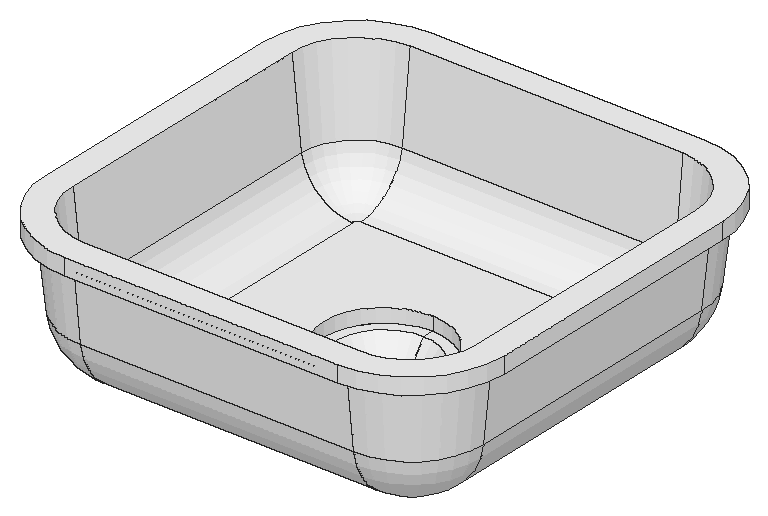
Revit family "Lav-Corian-European-Serenity-7510", category Plumbing Fixtures, host Face, Revit 2015
Parameters (values of type "7510")
  Width = 420 mm
  WFU = 0
  Version = "2015- v1.0a"  # constant formula
  URL = "http://www.corian.uk/-the-complete-residential-surfaces-solutions-"
  Sink Colors Available = "Designer White, Glacier White"
  Product Page URL = "http://www.corian.uk/-bathroom-basins-"
  Model = "Serenity 7510"  # constant formula
  Manufacturer = "DuPont"  # constant formula
  Length = 420 mm
  Interior Width = 370 mm
  Interior Length = 370 mm
  Interior Depth = 120 mm
  HWFU = 0
  Finish = Solid Surface Sink - DuPont - Designer White
  Description = "Bathroom Basin Europe Specification"  # constant formula
  Depth = 167 mm
  Default Elevation = 1219.2 mm
  Cost = 0
  CWFU = 0
Reference planes
  plane 1 "Center (Front/Back)": y = 0
  plane 2: z = 0
  plane 3 "Center (Left/Right)": x = 0
  plane 4: y = 210
  plane 5: y = -210
  plane 6: x = -210
  plane 7: x = 210
  plane 8: z = -132
  plane 9: x = -185
  plane 10: x = 185
  plane 11: y = 185
  plane 12: y = -185
  plane 13 "NAME": z = -12
  plane 14: z = -179
Forms (mm)
  Extrusion 1, void
    sketch origin (0, 0, 0) x (1, 0, 0) y (0, 1, 0)
      loop
        line (125, 185) -> (-125, 185)
        arc (-125, 185) -> (-167.426, 167.426) -> (-185, 125) r 60
        line (-185, 125) -> (-185, -125)
        arc (-185, -125) -> (-167.426, -167.426) -> (-125, -185) r 60
        line (-125, -185) -> (125, -185)
        arc (125, -185) -> (167.426, -167.426) -> (185, -125) r 60
        line (185, -125) -> (185, 125)
        arc (185, 125) -> (167.426, 167.426) -> (125, 185) r 60
    from -179 to 0
  Sweep 2, solid, material "Solid Surface Sink - DuPont - Designer White" <- "Finish"
    path origin (-322.065, -4572, -12) x (-1, 0, 0) y (0, -1, 0)
      loop
        arc (-197.065, -4757) -> (-154.638, -4739.426) -> (-137.065, -4697) r 60
        line (-137.065, -4697) -> (-137.065, -4447)
        arc (-137.065, -4447) -> (-154.638, -4404.574) -> (-197.065, -4387) r 60
        line (-197.065, -4387) -> (-447.065, -4387)
        arc (-447.065, -4387) -> (-489.491, -4404.574) -> (-507.065, -4447) r 60
        line (-507.065, -4447) -> (-507.065, -4697)
        arc (-507.065, -4697) -> (-489.491, -4739.426) -> (-447.065, -4757) r 60
        line (-447.065, -4757) -> (-197.065, -4757)
    profile origin (0, 185, -12) x (0, 1, 0) y (0, 0, 1)
      loop
        line (0, 0) -> (-8.906, -79.235)
        arc (-8.906, -79.235) -> (-25.157, -107.896) -> (-55.801, -120) r 49.481
        line (-55.801, -120) -> (-55.801, -135.008)
        arc (-55.801, -135.008) -> (-14.839, -118.798) -> (6.156, -80.069) r 64.481
        line (6.156, -80.069) -> (12.969, -20.582)
        arc (12.969, -20.582) -> (14.745, -16.622) -> (18.77, -15) r 5.805
        line (18.77, -15) -> (25, -15) -> (25, 0) -> (0, 0)
  Extrusion 3, solid, material "Solid Surface Sink - DuPont - Designer White" <- "Finish"
    sketch origin (-322.065, -4572, -12) x (-1, 0, 0) y (0, -1, 0)
      loop
        line (-192.866, -4697) -> (-192.866, -4447)
        arc (-192.866, -4447) -> (-194.096, -4444.031) -> (-197.065, -4442.801) r 4.199
        line (-197.065, -4442.801) -> (-447.065, -4442.801)
        arc (-447.065, -4442.801) -> (-450.034, -4444.031) -> (-451.264, -4447) r 4.199
        line (-451.264, -4447) -> (-451.264, -4697)
        arc (-451.264, -4697) -> (-450.034, -4699.969) -> (-447.065, -4701.199) r 4.199
        line (-447.065, -4701.199) -> (-197.065, -4701.199)
        arc (-197.065, -4701.199) -> (-194.096, -4699.969) -> (-192.866, -4697) r 4.199
    from -135.008 to -120
  Revolve 4, solid, material "Solid Surface Sink - DuPont - Designer White" <- "Finish"
    sketch origin (0, 0, 0) x (0, 1, 0) y (0, 0, 1)
      loop
        line (0, -132) -> (0, -179) -> (38.691, -179) -> (38.691, -171.757) -> (63.439, -147.008) -> (63.439, -132) -> (0, -132)
      axis (0, -132) -> (0, -179)
    angle from 0 to 360
  Revolve 5, void
    sketch origin (0, 0, 0) x (0, 1, 0) y (0, 0, 1)
      loop
        line (0, -179) -> (24.714, -179) -> (24.714, -171.757) -> (45, -144.835) -> (55, -144.835) -> (55, -132) -> (0, -132) -> (0, -179)
      axis (0, -132) -> (0, -179)
    angle from 0 to 360
Cuts and joins
  Revolve 5 cuts Sweep 2
  Revolve 5 cuts Extrusion 3
  Revolve 5 cuts Revolve 4
  joined: Sweep 2, Extrusion 3, Revolve 4
Lines and regions (mm)
  Masking region 1, detail levels medium+fine
    outline origin (-322.065, -4572, -12) x (-1, 0, 0) y (0, -1, 0)
      loop
        circle (-322.065, -4572) r 45
  Masking region 2
    outline origin (-322.065, -4572, -12) x (-1, 0, 0) y (0, -1, 0)
      loop
        line (-447.065, -4757) -> (-197.065, -4757)
        arc (-197.065, -4757) -> (-154.638, -4739.426) -> (-137.065, -4697) r 60
        line (-137.065, -4697) -> (-137.065, -4447)
        arc (-137.065, -4447) -> (-154.638, -4404.574) -> (-197.065, -4387) r 60
        line (-197.065, -4387) -> (-447.065, -4387)
        arc (-447.065, -4387) -> (-489.491, -4404.574) -> (-507.065, -4447) r 60
        line (-507.065, -4447) -> (-507.065, -4697)
        arc (-507.065, -4697) -> (-489.491, -4739.426) -> (-447.065, -4757) r 60
  Masking region 3, detail levels fine
    outline origin (-322.065, -4572, -12) x (-1, 0, 0) y (0, -1, 0)
      loop
        line (-447.065, -4748.094) -> (-197.065, -4748.094)
        arc (-197.065, -4748.094) -> (-160.936, -4733.129) -> (-145.971, -4697) r 51.094
        line (-145.971, -4697) -> (-145.971, -4447)
        arc (-145.971, -4447) -> (-160.936, -4410.871) -> (-197.065, -4395.906) r 51.094
        line (-197.065, -4395.906) -> (-447.065, -4395.906)
        arc (-447.065, -4395.906) -> (-483.194, -4410.871) -> (-498.159, -4447) r 51.094
        line (-498.159, -4447) -> (-498.159, -4697)
        arc (-498.159, -4697) -> (-483.194, -4733.129) -> (-447.065, -4748.094) r 51.094
Dimensions and locks
  equal spacing: plane 4, plane 1 "Center (Front/Back)", plane 5
  equal spacing: plane 6, plane 3 "Center (Left/Right)", plane 7
  "Length": plane 4 to plane 5
  "Width": plane 6 to plane 7
  equal spacing: plane 9, plane 3 "Center (Left/Right)", plane 10
  equal spacing: plane 11, plane 1 "Center (Front/Back)", plane 12
  "Interior Width": plane 9 to plane 10
  "Interior Length": plane 11 to plane 12
  locked: plane 2 to plane 13 "NAME" at 12
  "Interior Depth": plane 13 "NAME" to plane 8
  plane 9 to Sweep 2 sketch curve to Sweep 2 sketch curve = 60 mm, 0 mm
  Sweep 2 sketch curve to Sweep 2 sketch curve to plane 10 = 0 mm, 60 mm
  plane 11 to Sweep 2 sketch curve to Sweep 2 sketch curve = 60 mm, 0 mm
  Sweep 2 sketch curve to Sweep 2 sketch curve to plane 12 = 0 mm, 60 mm
  plane 4 to Extrusion 3 sketch curve to Extrusion 3 sketch curve to Extrusion 3 sketch curve = 80.801 mm locked, 4.199 mm locked, 0 mm locked
  Extrusion 3 sketch curve to Extrusion 3 sketch curve to Extrusion 3 sketch curve to plane 5 = 0 mm locked, 4.199 mm locked, 80.801 mm locked
  Extrusion 3 sketch curve to Extrusion 3 sketch curve to Extrusion 3 sketch curve to plane 7 = 0 mm locked, 4.199 mm locked, 80.801 mm locked
  plane 6 to Extrusion 3 sketch curve to Extrusion 3 sketch curve to Extrusion 3 sketch curve = 80.801 mm locked, 4.199 mm locked, 0 mm locked
  "Depth": plane 13 "NAME" to plane 14
  locked: plane 8 to cut or joined group of Sweep 2, Extrusion 3, Revolve 4, Revolve 5 at 15.008
  Revolve 4 sketch curve to Revolve 4 sketch curve to plane 1 "Center (Front/Back)" = 24.749 mm locked, 38.691 mm locked
  plane 8 to Revolve 4 sketch curve to Revolve 4 sketch curve = 15.008 mm locked, 24.749 mm locked
  Revolve 5 sketch curve to Revolve 5 sketch curve to Revolve 5 sketch curve to plane 1 "Center (Front/Back)" = 10 mm locked, 20.286 mm locked, 24.714 mm locked
  plane 8 to Revolve 5 sketch curve to Revolve 5 sketch curve = 12.835 mm locked, 26.921 mm locked
  Sweep 2 sketch curve to Sweep 2 sketch curve to Sweep 2 sketch curve to plane 11 to Sweep 2 sketch curve to Sweep 2 sketch curve = 5.801 mm locked, 6.814 mm locked, 6.156 mm locked, 0 mm locked, 8.906 mm locked
  plane 8 to Sweep 2 sketch curve to Sweep 2 sketch curve = 0 mm locked, 15.008 mm locked
  plane 13 "NAME" to Sweep 2 sketch curve to Sweep 2 sketch curve to Sweep 2 sketch curve to Sweep 2 sketch curve = 15 mm locked, 5.582 mm locked, 58.653 mm locked, 0.834 mm locked
  locked: Sweep 2 sketch curve to plane 1 "Center (Front/Back)" at 129.199
  aligned and locked: plane 2 to host face
  aligned and locked: level to host face
  aligned and locked: level to Extrusion 1
  aligned and locked: plane 13 "NAME" to Sweep 2 sketch curve  (x2)
  aligned and locked: Sweep 2 sketch curve to plane 11
  aligned and locked: plane 12 to Sweep 2 sketch curve
  aligned and locked: plane 9 to Sweep 2 sketch curve
  aligned and locked: Sweep 2 sketch curve to plane 10
  aligned and locked: plane 4 to Sweep 2 sketch curve
  aligned and locked: Extrusion 1 to plane 14
  aligned and locked: plane 8 to cut or joined group of Sweep 2, Extrusion 3, Revolve 4, Revolve 5
  aligned and locked: Extrusion 1 sketch curve to plane 12
  aligned and locked: plane 10 to Extrusion 1 sketch curve
  aligned and locked: plane 11 to Extrusion 1 sketch curve
  aligned and locked: Extrusion 1 sketch curve to plane 9
  aligned and locked: plane 8 to Revolve 4 sketch curve  (x2)
  aligned and locked: plane 14 to Revolve 4 sketch curve
  aligned and locked: Revolve 4 sketch curve to plane 1 "Center (Front/Back)"
  aligned and locked: plane 1 "Center (Front/Back)" to Revolve 4 sketch curve
  aligned and locked: Revolve 4 sketch curve to plane 14
  aligned and locked: Revolve 5 sketch curve to plane 1 "Center (Front/Back)"
  aligned and locked: plane 8 to Revolve 5 sketch curve  (x2)
  aligned and locked: plane 14 to Revolve 5 sketch curve
  aligned and locked: plane 1 "Center (Front/Back)" to Revolve 5 sketch curve
  aligned and locked: Revolve 5 sketch curve to plane 14
Automatic sketch dimensions
  host sketch curve to host sketch curve = 2438.4 mm  (x2)
  plane 9 to Extrusion 1 sketch curve = 60 mm
  Extrusion 1 sketch curve to Extrusion 1 sketch curve = 60 mm  (x2)
  plane 12 to Extrusion 1 sketch curve = 60 mm
  Masking region 1 sketch curve to Masking region 1 sketch curve = 0 mm  (x2)
  Masking region 1 sketch curve to plane 3 "Center (Left/Right)" = 0 mm
  plane 1 "Center (Front/Back)" to Masking region 1 sketch curve = 0 mm
  Masking region 1 sketch curve to plane 1 "Center (Front/Back)" = 45 mm
  Sweep 2 sketch curve to Sweep 2 sketch curve = 0 mm  (x2)
  Masking region 2 sketch curve to plane 10 = 0 mm
  Masking region 2 sketch curve to plane 12 = 0 mm
  Masking region 2 sketch curve to plane 11 = 0 mm
  Masking region 2 sketch curve to plane 9 = 0 mm
  Masking region 2 sketch curve to plane 10 = 60 mm
  Masking region 2 sketch curve to Masking region 2 sketch curve = 60 mm  (x2)
  plane 9 to Masking region 2 sketch curve = 60 mm
  Masking region 3 sketch curve to plane 10 = 8.906 mm
  plane 12 to Masking region 3 sketch curve = 8.906 mm
  Masking region 3 sketch curve to plane 11 = 8.906 mm
  plane 9 to Masking region 3 sketch curve = 8.906 mm
  Masking region 3 sketch curve to plane 10 = 60 mm
  Masking region 3 sketch curve to Masking region 3 sketch curve = 51.094 mm  (x2)
  plane 9 to Masking region 3 sketch curve = 60 mm
Connectors
  piping at (0, 0, -179), diameter 90
    settings: on cut or joined group of Sweep 2, Extrusion 3, Revolve 4, Revolve 5, index 1, connector inside diameter 24", connector length 0 mm, flow factor 0, pipe flow 0 GPM, pressure drop 0.00 psi, fitting loss kfactor 0, connector angle 0.00°, fixture units 0, engagement length 0 mm, angle of deflection 0.00°, flow configuration 0, flow direction 2, fitting loss method 0, system type 16, joint type 0, gender type 0, connector reference index -1, connector utility 0, adjustable connector no, is connector primary yes, connector description "Drain"
